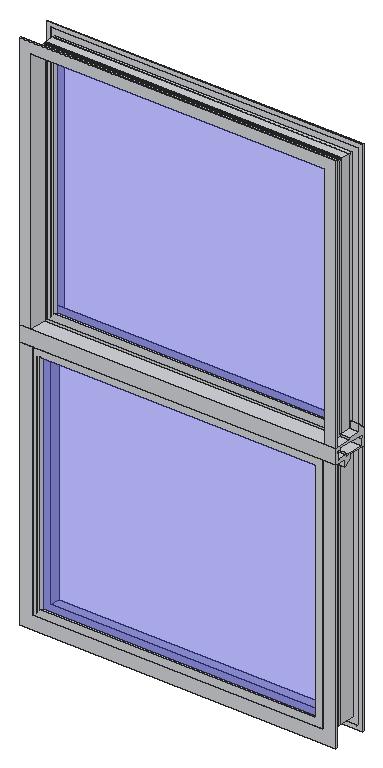
Revit family "1450SHR_Fixed Over Fixed", category Windows, host Wall, Revit 2023
Family settings
  Host = Wall
  OmniClass Number = 23.30.20.00
  OmniClass Title = Windows
  Always vertical = Yes
  Cut with Voids When Loaded = No
  Shared = No
  Room Calculation Point = No
Parameters
  Height = 5' - 0"
  Glass Material = Glass
  Frame Material = none
  Depth From Exterior = 0' - 1"
  Default Sill Height = 3' - 0"
  Wall Closure = By host
  Width = 3' - 0"
  Bottom Bay Height = 2' - 3"
Reference planes (in)
  plane 1 "Center (Front/Back)": y = 0
  plane 2: z = 0
  plane 3 "Center (Left/Right)": x = 0
  plane 4 "Left": x = -18
  plane 5 "Right": x = 18
  plane 6 "Sill": z = 36
  plane 7 "Top": z = 96
  plane 8: y = 2
  plane 9: y = 0
  plane 10: y = 2
  plane 11: y = -0.625
  plane 12: y = 0
  plane 13: y = -2
  plane 14: y = -0.625
  plane 15: y = 1.375
  plane 16: y = 2
  plane 17: y = 0
  plane 18: y = 1.375
  plane 19: y = -2
  plane 20: y = 0
  plane 21: y = -1.53574
  plane 22: y = -2
  plane 23: y = 0.46426
  plane 24: y = 0
  plane 25: y = 3
  plane 26: z = 37.71418
  plane 27: z = 64.71418
  plane 28: y = -0.625
  plane 29: y = -1.625
  plane 30: y = 1.375
  plane 31: y = 0.375
Forms (in)
  Sweep 1, solid
    path origin (0, 0, 0) x (1, 0, 0) y (0, 0, 1)
      loop
        line (18, 65.17836) -> (-18, 65.17836)
    profile origin (0, 0, 65.17836) x (0, 0, -1) y (0, -1, 0)
      loop
        line (-1.85789, -2) -> (0, -2) -> (0, 0) -> (0.42014, 0) -> (1.04514, 0.625) -> (0.25, 0.625) -> (0.25, 2) -> (-1.43775, 2) -> (-1.43775, 0) -> (-1.68775, 0) -> (-1.68775, -1.375) -> (-2.48289, -1.375) -> (-1.85789, -2)
      loop
        line (-0.125, 0.125) -> (0.094, 0.125) -> (0.12651, 0.19471) -> (0, 0.32122) -> (0, 0.592) -> (-0.187, 0.592) -> (-0.187, 1.412) -> (0, 1.412) -> (0, 1.67878) -> (0.125, 1.80378) -> (0.125, 1.875) -> (-0.06275, 1.875) -> (-0.06275, 1.785)
        arc (-0.06275, 1.785) -> (-0.08091, 1.74116) -> (-0.12475, 1.723) r 0.062
        line (-0.12475, 1.723) -> (-0.81275, 1.723) -> (-0.75076, 1.78499) -> (-0.18675, 1.78499) -> (-0.18675, 1.826) -> (-0.62375, 1.826) -> (-0.62375, 1.87479) -> (-1.31275, 1.87479) -> (-1.31275, 1.723) -> (-1.06325, 1.723) -> (-1.06325, 1.412) -> (-1.31275, 1.412) -> (-1.31275, -0.125) -> (-1.56275, -0.125) -> (-1.56275, -0.23191) -> (-1.43775, -0.29734) -> (-1.25167, -0.29734) -> (-1.25167, -1.70174) -> (-1.44697, -1.70174) -> (-1.56275, -1.76859) -> (-1.56275, -1.875) -> (-0.62394, -1.875) -> (-0.62394, -1.826) -> (-0.18775, -1.826) -> (-0.18775, -1.785) -> (-0.75075, -1.785) -> (-0.81275, -1.723) -> (-0.125, -1.723) -> (-0.125, 0.125)
  Sweep 2, solid
    path origin (0, 0, 0) x (1, 0, 0) y (0, 0, 1)
      loop
        line (-18, 64.92836) -> (-18, 36) -> (18, 36) -> (18, 64.92836)
    profile origin (0, 0, 36) x (0, 0, 1) y (0, -1, 0)
      loop
        line (0, 2) -> (0, 1.826) -> (0.436, 1.826) -> (0.436, 1.87476) -> (1.375, 1.87476) -> (1.375, 1.76809) -> (1.25979, 1.70157) -> (1.06381, 1.70157) -> (1.06381, 0.625) -> (1.5, 0.625) -> (1.5, 2) -> (0, 2)
  Sweep 3, solid
    path origin (0, 0, 0) x (1, 0, 0) y (0, 0, 1)
      loop
        line (18, 64.75822) -> (18, 36) -> (-18, 36) -> (-18, 64.75822)
    profile origin (0, 0, 36) x (0, 0, -1) y (0, -1, 0)
      loop
        line (-1.67096, 0) -> (-1.12581, 0) -> (-1.12581, 0.125) -> (-1.37581, 0.125) -> (-1.37581, 0.23191) -> (-1.25896, 0.29307) -> (-1.06381, 0.29307) -> (-1.06381, 0.625) -> (-2.29596, 0.625) -> (-1.67096, 0)
  Sweep 4, solid
    path origin (0, 0, 0) x (1, 0, 0) y (0, 0, 1)
      loop
        line (18, 65.17836) -> (18, 36) -> (-18, 36) -> (-18, 65.17836)
    profile origin (0, 0, 36) x (0, 0, -1) y (0, -1, 0)
      loop
        line (-1.25081, 0) -> (-1.25081, -2) -> (-0.00081, -2) -> (-0.00081, -1.826) -> (-0.43761, -1.826) -> (-0.43761, -1.875) -> (-1.12581, -1.875) -> (-1.12581, 0) -> (-1.25081, 0)
  Sweep 5, solid
    path origin (0, 0, 0) x (1, 0, 0) y (0, 0, 1)
      loop
        line (18, 67.03626) -> (18, 96) -> (-18, 96) -> (-18, 67.03626)
    profile origin (0, 0, 96) x (0, 0, -1) y (0, -1, 0)
      loop
        line (1.67014, -2) -> (2.29514, -1.375) -> (1.063, -1.375) -> (1.063, -1.70157) -> (1.25979, -1.70157) -> (1.375, -1.76809) -> (1.375, -1.87475) -> (0.436, -1.87475) -> (0.436, -1.826) -> (0, -1.826) -> (0, -2) -> (1.67014, -2)
  Sweep 6, solid
    path origin (0, 0, 0) x (1, 0, 0) y (0, 0, 1)
      loop
        line (-18, 66.86611) -> (-18, 96) -> (18, 96) -> (18, 66.86611)
    profile origin (0, 0, 96) x (0, 0, 1) y (0, -1, 0)
      loop
        line (-1.5, -1.375) -> (-1.063, -1.375) -> (-1.063, -0.28882) -> (-1.26627, -0.28882) -> (-1.375, -0.23191) -> (-1.375, -0.125) -> (-1.125, -0.125) -> (-1.125, 0) -> (-1.5, 0) -> (-1.5, -1.375)
  Sweep 7, solid
    path origin (0, 0, 0) x (1, 0, 0) y (0, 0, 1)
      loop
        line (-18, 66.61611) -> (-18, 96) -> (18, 96) -> (18, 66.61611)
    profile origin (0, 0, 96) x (0, 0, 1) y (0, -1, 0)
      loop
        line (-1.25, 0) -> (-1.125, 0) -> (-1.125, 1.875) -> (-0.43579, 1.875) -> (-0.43579, 1.826) -> (0, 1.826) -> (0, 2) -> (-1.25, 2) -> (-1.25, 0)
  Sweep 8, solid
    path origin (0, 0, 0) x (1, 0, 0) y (0, 0, 1)
      loop
        line (-16.5, 37.5) -> (16.5, 37.5) -> (16.5, 64.92836) -> (-16.5, 64.92836) -> (-16.5, 37.5)
    profile origin (0, 0, 37.5) x (0, 0, 1) y (0, -1, 0)
      loop
        line (0, 1.92) -> (0, 1.53574) -> (0.12826, 1.70064) -> (0.12826, 1.81249) -> (0.21418, 1.81249) -> (0.21418, 1.875) -> (0.36231, 1.875) -> (0.36231, 1.637) -> (0.78358, 1.637) -> (0.78358, 2) -> (0, 2) -> (0, 1.92)
  Sweep 9, solid
    path origin (0, 0, 0) x (1, 0, 0) y (0, 0, 1)
      loop
        line (-16.5, 66.86611) -> (16.5, 66.86611) -> (16.5, 94.5) -> (-16.5, 94.5) -> (-16.5, 66.86611)
    profile origin (0, 0, 66.86611) x (0, 0, 1) y (0, -1, 0)
      loop
        line (0, -0.08) -> (0, -0.46426) -> (0.12826, -0.29936) -> (0.12826, -0.18751) -> (0.21418, -0.18751) -> (0.21418, -0.125) -> (0.35193, -0.125) -> (0.35193, -0.36479) -> (0.78358, -0.36479) -> (0.78358, 0) -> (0, 0) -> (0, -0.08)
  Sweep 10, solid, material "Glass" <- "Glass Material"
    path origin (0, -0.83624, 0) x (0, 1, 0) y (0, 0, 1)
      loop
        line (-1.03806, 37.5) -> (-1.03806, 64.92836)
    profile origin (0, -1.8743, 51.21418) x (0, -1, 0) y (1, 0, 0)
      loop
        line (-1.2493, -16.5) -> (-0.9993, -16.5) -> (-0.9993, 16.5) -> (-1.2493, 16.5) -> (-1.2493, -16.5)
      loop
        line (-0.4993, -16.5) -> (-0.2493, -16.5) -> (-0.2493, 16.5) -> (-0.4993, 16.5) -> (-0.4993, -16.5)
  Sweep 11, solid, material "Glass" <- "Glass Material"
    path origin (0, 0, 0) x (0, 1, 0) y (0, 0, 1)
      loop
        line (0.91699, 94.5) -> (0.91699, 66.86611)
    profile origin (0, 0.91699, 80.68306) x (1, 0, 0) y (0, 1, 0)
      loop
        line (-16.5, 0.45801) -> (-16.5, 0.20801) -> (16.5, 0.20801) -> (16.5, 0.45801) -> (-16.5, 0.45801)
      loop
        line (-16.5, -0.29199) -> (-16.5, -0.54199) -> (16.5, -0.54199) -> (16.5, -0.29199) -> (-16.5, -0.29199)
Lines and regions (in)
  Opening 1
    outline origin (-60, -3, 0) x (1, 0, 0) y (0, 0, 1)
      loop
        line (42, 96) -> (42, 36) -> (78, 36) -> (78, 96) -> (42, 96)
Text (in)
  text "EXTERIOR" at (-58.6888, 50.90694, 0), in view "Ref. Level"
  text "INTERIOR" at (-58.6888, -37.76638, 0), in view "Ref. Level"
  text "Exterior" at (0, 43.65631, 123.19604), in view "Left"
  text "Exterior" at (0, 18.29385, 125.04747), in view "Right"
Dimensions and locks (in)
  equal spacing: plane 4 "Left", plane 3 "Center (Left/Right)", plane 5 "Right"
  "Height": plane 6 "Sill" to plane 7 "Top"
  "Default Sill Height": plane 2 to plane 6 "Sill"
  locked: plane 10 to plane 9 at 2
  locked: plane 12 to plane 11 at 0.625
  locked: plane 14 to plane 13 at 1.375
  "Width": plane 4 "Left" to plane 5 "Right"
  locked: plane 16 to plane 15 at 0.625
  locked: plane 18 to plane 17 at 1.375
  locked: plane 20 to plane 19 at 2
  locked: plane 21 to plane 22 at 0.46426
  locked: plane 23 to plane 24 at 0.46426
  "Depth From Exterior": plane 25 to plane 8
  locked: plane 6 "Sill" to plane 26 at 1.71418
  "Bottom Bay Height": plane 26 to plane 27
  locked: plane 28 to plane 29 at 1
  locked: plane 30 to plane 31 at 1
  aligned and locked: plane 7 "Top" to Opening 1 sketch curve
  aligned and locked: plane 6 "Sill" to Opening 1 sketch curve  (x2)
  aligned and locked: plane 5 "Right" to Opening 1 sketch curve
  aligned and locked: plane 4 "Left" to Opening 1 sketch curve
  aligned and locked: level to plane 2
  aligned and locked: plane 4 "Left" to Sweep 1 sketch curve
  aligned and locked: plane 5 "Right" to Sweep 1 sketch curve
  aligned and locked: plane 8 to Sweep 1
  aligned and locked: Sweep 2 sketch curve to plane 4 "Left"
  aligned and locked: plane 6 "Sill" to Sweep 2 sketch curve
  aligned and locked: Sweep 2 sketch curve to plane 5 "Right"
  aligned and locked: Sweep 2 sketch curve to Sweep 1
  aligned and locked: Sweep 1 to Sweep 2 sketch curve
  aligned and locked: plane 6 "Sill" to Sweep 3 sketch curve
  aligned and locked: plane 5 "Right" to Sweep 3 sketch curve
  aligned and locked: plane 4 "Left" to Sweep 3 sketch curve
  aligned and locked: Sweep 1 to Sweep 3 sketch curve
  aligned and locked: Sweep 3 sketch curve to Sweep 1
  aligned and locked: plane 5 "Right" to Sweep 4 sketch curve
  aligned and locked: plane 4 "Left" to Sweep 4 sketch curve
  aligned and locked: plane 6 "Sill" to Sweep 4 sketch curve
  aligned and locked: Sweep 4 sketch curve to Sweep 1
  aligned and locked: Sweep 1 to Sweep 4 sketch curve
  aligned and locked: plane 9 to Sweep 4
  aligned and locked: plane 10 to Sweep 4
  aligned and locked: plane 8 to plane 10
  aligned and locked: plane 11 to Sweep 3
  aligned and locked: plane 12 to Sweep 3
  aligned and locked: plane 13 to Sweep 2
  aligned and locked: plane 14 to Sweep 2
  aligned and locked: plane 12 to plane 9
  aligned and locked: plane 14 to plane 11
  aligned and locked: Sweep 5 sketch curve to plane 5 "Right"
  aligned and locked: plane 7 "Top" to Sweep 5 sketch curve
  aligned and locked: Sweep 5 sketch curve to plane 4 "Left"
  aligned and locked: Sweep 1 to Sweep 5 sketch curve
  aligned and locked: Sweep 5 sketch curve to Sweep 1
  aligned and locked: plane 7 "Top" to Sweep 6 sketch curve
  aligned and locked: plane 4 "Left" to Sweep 6 sketch curve
  aligned and locked: plane 5 "Right" to Sweep 6 sketch curve
  aligned and locked: Sweep 1 to Sweep 6 sketch curve
  aligned and locked: Sweep 6 sketch curve to Sweep 1
  aligned and locked: plane 4 "Left" to Sweep 7 sketch curve
  aligned and locked: plane 7 "Top" to Sweep 7 sketch curve
  aligned and locked: plane 5 "Right" to Sweep 7 sketch curve
  aligned and locked: Sweep 1 to Sweep 7 sketch curve
  aligned and locked: Sweep 7 sketch curve to Sweep 1
  aligned and locked: Sweep 5 to plane 15
  aligned and locked: plane 16 to Sweep 5
  aligned and locked: Sweep 6 to plane 17
  aligned and locked: plane 18 to Sweep 6
  aligned and locked: Sweep 7 to plane 19
  aligned and locked: plane 20 to Sweep 7
  aligned and locked: plane 8 to plane 16
  aligned and locked: plane 18 to plane 15
  aligned and locked: Sweep 8 sketch curve to Sweep 2  (x3)
  aligned and locked: Sweep 8 sketch curve to Sweep 1
  aligned and locked: plane 22 to Sweep 8
  aligned and locked: plane 21 to Sweep 8
  aligned and locked: plane 13 to plane 22
  aligned and locked: Sweep 9 sketch curve to Sweep 1
  aligned and locked: Sweep 9 sketch curve to Sweep 6  (x3)
  aligned and locked: Sweep 9 to plane 24
  aligned and locked: Sweep 9 to plane 23
  aligned and locked: plane 24 to plane 17
  aligned and locked: plane 25 to host wall
  aligned and locked: plane 20 to plane 24
  aligned and locked: plane 27 to Sweep 8
  aligned and locked: plane 26 to Sweep 8
  aligned and locked: Sweep 1 to Sweep 10 sketch curve
  aligned and locked: Sweep 2 to Sweep 10 sketch curve
  aligned and locked: Sweep 10 sketch curve to Sweep 2  (x4)
  aligned and locked: plane 29 to Sweep 10
  aligned and locked: plane 28 to Sweep 10
  aligned and locked: plane 14 to plane 28
  aligned and locked: Sweep 1 to Sweep 11 sketch curve
  aligned and locked: Sweep 6 to Sweep 11 sketch curve
  aligned and locked: Sweep 11 sketch curve to Sweep 2
  aligned and locked: Sweep 2 to Sweep 11 sketch curve  (x2)
  aligned and locked: plane 30 to Sweep 11
  aligned and locked: plane 31 to Sweep 11
  aligned and locked: plane 30 to plane 18
Automatic sketch dimensions
  plane 7 "Top" to Sweep 1 sketch curve = 2' - 6.82164"
  profile plane to Sweep 1 sketch curve = 0' - 2.48289"
  Sweep 1 sketch curve to Sweep 1 sketch curve = 0' - 0 5/8"  (x2)
  Sweep 1 sketch curve to Sweep 1 sketch curve = 0' - 0.79514"  (x2)
  Sweep 1 sketch curve to Sweep 1 sketch curve = 0' - 0 1/8"  (x8)
  Sweep 1 sketch curve to Sweep 1 sketch curve = 0' - 0.29514"
  Sweep 1 sketch curve to Sweep 1 sketch curve = 0' - 0.11578"
  Sweep 1 sketch curve to Sweep 1 sketch curve = 0' - 0 1/4"  (x2)
  Sweep 1 sketch curve to Sweep 1 sketch curve = 0' - 0"  (x4)
  Sweep 1 sketch curve to Sweep 1 sketch curve = 0' - 0.06108"
  Sweep 1 sketch curve to Sweep 1 sketch curve = 0' - 0.2495"
  Sweep 1 sketch curve to Sweep 1 sketch curve = 0' - 0.43892"
  Sweep 1 sketch curve to Sweep 1 sketch curve = 0' - 0.2505"
  Sweep 1 sketch curve to Sweep 1 sketch curve = 0' - 0.06199"
  Sweep 1 sketch curve to Sweep 1 sketch curve = 0' - 0.062"  (x4)
  Sweep 1 sketch curve to Sweep 1 sketch curve = 0' - 0.12681"
  Sweep 1 sketch curve to Sweep 1 sketch curve = 0' - 0.12701"
  Sweep 1 sketch curve to Sweep 1 sketch curve = 0' - 0.43619"
  Sweep 1 sketch curve to Sweep 1 sketch curve = 0' - 0.87625"
  Sweep 1 sketch curve to Sweep 1 sketch curve = 0' - 0.00025"
  Sweep 1 sketch curve to Sweep 1 sketch curve = 0' - 0.18775"
  Sweep 1 sketch curve to Sweep 1 sketch curve = 0' - 0.06275"  (x2)
  Sweep 1 sketch curve to Sweep 1 sketch curve = 0' - 0.094"
  Sweep 1 sketch curve to Sweep 1 sketch curve = 0' - 0.03251"
  Sweep 1 sketch curve to Sweep 1 sketch curve = 0' - 0.32614"
  Sweep 1 sketch curve to plane 1 "Center (Front/Back)" = 0' - 2"
  Sweep 1 sketch curve to Sweep 1 sketch curve = 0' - 0.174"
  Sweep 1 sketch curve to Sweep 1 sketch curve = 0' - 0.041"
  Sweep 1 sketch curve to Sweep 1 sketch curve = 0' - 0.10641"
  Sweep 1 sketch curve to Sweep 1 sketch curve = 0' - 0.06685"
  Sweep 1 sketch curve to Sweep 1 sketch curve = 0' - 0.32674"
  Sweep 1 sketch curve to Sweep 1 sketch curve = 0' - 1.07766"
  Sweep 1 sketch curve to Sweep 1 sketch curve = 0' - 0.06542"
  Sweep 1 sketch curve to Sweep 1 sketch curve = 0' - 0.10691"
  Sweep 1 sketch curve to Sweep 1 sketch curve = 0' - 0.29734"
  Sweep 1 sketch curve to Sweep 1 sketch curve = 0' - 0.06971"
  Sweep 1 sketch curve to Sweep 1 sketch curve = 0' - 0.12651"
  Sweep 1 sketch curve to Sweep 1 sketch curve = 0' - 0.27078"
  Sweep 1 sketch curve to Sweep 1 sketch curve = 0' - 0.82"
  Sweep 1 sketch curve to Sweep 1 sketch curve = 0' - 0.26678"
  Sweep 1 sketch curve to Sweep 1 sketch curve = 0' - 0.311"
  Sweep 1 sketch curve to Sweep 1 sketch curve = 0' - 0.04422"
  Sweep 1 sketch curve to Sweep 1 sketch curve = 0' - 0.04101"
  Sweep 1 sketch curve to Sweep 1 sketch curve = 0' - 0.04879"
  Sweep 1 sketch curve to Sweep 1 sketch curve = 0' - 0.09"
  Sweep 1 sketch curve to Sweep 1 sketch curve = 0' - 0.12521"
  profile plane to Sweep 2 sketch curve = 0' - 0"
  Sweep 2 sketch curve to Sweep 2 sketch curve = 0' - 0.436"
  Sweep 2 sketch curve to Sweep 2 sketch curve = 0' - 0.62781"
  Sweep 2 sketch curve to Sweep 2 sketch curve = 0' - 0.19598"
  Sweep 2 sketch curve to Sweep 2 sketch curve = 0' - 0.11521"
  Sweep 2 sketch curve to Sweep 2 sketch curve = 0' - 0.43619"
  plane 1 "Center (Front/Back)" to Sweep 2 sketch curve = 0' - 0 5/8"
  Sweep 2 sketch curve to Sweep 2 sketch curve = 0' - 1.07657"
  Sweep 2 sketch curve to Sweep 2 sketch curve = 0' - 0.06652"
  Sweep 2 sketch curve to Sweep 2 sketch curve = 0' - 0.12443"
  Sweep 2 sketch curve to Sweep 2 sketch curve = 0' - 0.10667"
  Sweep 2 sketch curve to Sweep 2 sketch curve = 0' - 0.12524"
  profile plane to Sweep 3 sketch curve = 0' - 2.29596"
  Sweep 3 sketch curve to Sweep 3 sketch curve = 0' - 0 5/8"  (x2)
  Sweep 3 sketch curve to Sweep 3 sketch curve = 0' - 0.29514"
  Sweep 3 sketch curve to Sweep 3 sketch curve = 0' - 0.11685"
  Sweep 3 sketch curve to Sweep 3 sketch curve = 0' - 0.19515"
  plane 1 "Center (Front/Back)" to Sweep 3 sketch curve = 0' - 0"
  Sweep 3 sketch curve to Sweep 3 sketch curve = 0' - 0 1/8"
  Sweep 3 sketch curve to Sweep 3 sketch curve = 0' - 0.10691"
  Sweep 3 sketch curve to Sweep 3 sketch curve = 0' - 0.16807"
  Sweep 3 sketch curve to Sweep 3 sketch curve = 0' - 0 1/4"
  profile plane to Sweep 4 sketch curve = 0' - 1.12581"
  Sweep 4 sketch curve to Sweep 4 sketch curve = 0' - 0.6882"
  Sweep 4 sketch curve to Sweep 4 sketch curve = 0' - 0.4368"
  Sweep 4 sketch curve to plane 1 "Center (Front/Back)" = 0' - 2"
  Sweep 4 sketch curve to Sweep 4 sketch curve = 0' - 0 1/8"  (x2)
  Sweep 4 sketch curve to Sweep 4 sketch curve = 0' - 0.049"
  Sweep 4 sketch curve to Sweep 4 sketch curve = 0' - 1 7/8"
  Sweep 5 sketch curve to profile plane = 0' - 0"
  Sweep 5 sketch curve to Sweep 5 sketch curve = 0' - 0.436"
  Sweep 5 sketch curve to Sweep 5 sketch curve = 0' - 0.82379"
  Sweep 5 sketch curve to Sweep 5 sketch curve = 0' - 0.11521"
  Sweep 5 sketch curve to Sweep 5 sketch curve = 0' - 0.29514"
  Sweep 5 sketch curve to Sweep 5 sketch curve = 0' - 0 5/8"  (x2)
  Sweep 5 sketch curve to plane 1 "Center (Front/Back)" = 0' - 2"
  Sweep 5 sketch curve to Sweep 5 sketch curve = 0' - 0.12525"
  Sweep 5 sketch curve to Sweep 5 sketch curve = 0' - 0.04875"
  Sweep 5 sketch curve to Sweep 5 sketch curve = 0' - 0.10667"
  Sweep 5 sketch curve to Sweep 5 sketch curve = 0' - 0.06652"
  Sweep 5 sketch curve to Sweep 5 sketch curve = 0' - 0.19679"
  profile plane to Sweep 6 sketch curve = 0' - 1 1/2"
  Sweep 6 sketch curve to Sweep 6 sketch curve = 0' - 0 1/8"  (x2)
  Sweep 6 sketch curve to Sweep 6 sketch curve = 0' - 0 1/4"
  Sweep 6 sketch curve to Sweep 6 sketch curve = 0' - 0.437"
  Sweep 6 sketch curve to plane 1 "Center (Front/Back)" = 0' - 1 3/8"
  Sweep 6 sketch curve to Sweep 6 sketch curve = 0' - 1.08618"
  Sweep 6 sketch curve to Sweep 6 sketch curve = 0' - 0.16382"
  Sweep 6 sketch curve to Sweep 6 sketch curve = 0' - 0.10873"
  Sweep 6 sketch curve to Sweep 6 sketch curve = 0' - 0.10691"
  profile plane to Sweep 7 sketch curve = 0' - 1 1/8"
  Sweep 7 sketch curve to Sweep 7 sketch curve = 0' - 0.68921"
  Sweep 7 sketch curve to Sweep 7 sketch curve = 0' - 0.43579"
  plane 1 "Center (Front/Back)" to Sweep 7 sketch curve = 0' - 0"
  Sweep 7 sketch curve to Sweep 7 sketch curve = 0' - 1.826"
  Sweep 7 sketch curve to Sweep 7 sketch curve = 0' - 0.049"
  Sweep 7 sketch curve to Sweep 7 sketch curve = 0' - 0.174"
  Sweep 7 sketch curve to Sweep 7 sketch curve = 0' - 0 1/8"
  profile plane to Sweep 8 sketch curve = 0' - 0"
  Sweep 8 sketch curve to Sweep 8 sketch curve = 0' - 0 11/128"
  Sweep 8 sketch curve to Sweep 8 sketch curve = 0' - 0.14813"
  Sweep 8 sketch curve to Sweep 8 sketch curve = 0' - 0.42127"
  plane 1 "Center (Front/Back)" to Sweep 8 sketch curve = 0' - 1.637"
  Sweep 8 sketch curve to Sweep 8 sketch curve = 0' - 0.06364"
  Sweep 8 sketch curve to Sweep 8 sketch curve = 0' - 0.11185"
  Sweep 8 sketch curve to Sweep 8 sketch curve = 0' - 0 1/16"
  Sweep 8 sketch curve to Sweep 8 sketch curve = 0' - 0 3/16"
  Sweep 8 sketch curve to Sweep 8 sketch curve = 0' - 0.12826"
  Sweep 8 sketch curve to Sweep 8 sketch curve = 0' - 0.1649"
  Sweep 8 sketch curve to Sweep 8 sketch curve = 0' - 0.08"
  profile plane to Sweep 9 sketch curve = 0' - 0"
  Sweep 9 sketch curve to Sweep 9 sketch curve = 0' - 0 11/128"
  Sweep 9 sketch curve to Sweep 9 sketch curve = 0' - 0.13775"
  Sweep 9 sketch curve to Sweep 9 sketch curve = 0' - 0.43165"
  Sweep 9 sketch curve to plane 1 "Center (Front/Back)" = 0' - 0.36479"
  Sweep 9 sketch curve to Sweep 9 sketch curve = 0' - 0.06543"
  Sweep 9 sketch curve to Sweep 9 sketch curve = 0' - 0.11185"
  Sweep 9 sketch curve to Sweep 9 sketch curve = 0' - 0 1/16"
  Sweep 9 sketch curve to Sweep 9 sketch curve = 0' - 0 3/16"
  Sweep 9 sketch curve to Sweep 9 sketch curve = 0' - 0.12826"
  Sweep 9 sketch curve to Sweep 9 sketch curve = 0' - 0.1649"
  Sweep 9 sketch curve to Sweep 9 sketch curve = 0' - 0.08"
  plane 11 to Sweep 10 sketch curve = 0' - 1.2493"
  profile plane to Sweep 10 sketch curve = 0' - 1.2493"
  Sweep 10 sketch curve to Sweep 10 sketch curve = 0' - 0 1/4"  (x2)
  Sweep 10 sketch curve to Sweep 10 sketch curve = 0' - 0 3/4"
  Sweep 11 sketch curve to plane 23 = 0' - 0.45273"
  Sweep 11 sketch curve to Sweep 11 sketch curve = 0' - 0"
  profile plane to Sweep 11 sketch curve = 0' - 0.54199"
  Sweep 11 sketch curve to Sweep 11 sketch curve = 0' - 0 3/4"
  Sweep 11 sketch curve to Sweep 11 sketch curve = 0' - 0 1/4"  (x2)
